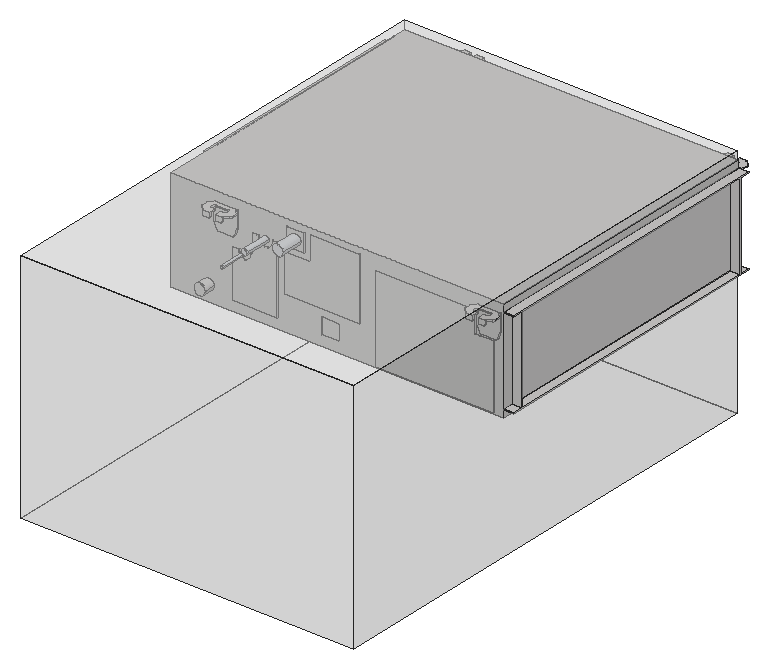
Revit family "outputfile", category 機械設備, Revit 2024
Family settings
  丸型コネクタ寸法 = 半径を使用
  パーツ タイプ = 標準
  OmniClass 番号 = 23.75.10.24.21.27.27
  OmniClass タイトル = Split System Air Conditioning Units
  作業面ベース = いいえ
  常に垂直 = はい
  ロード時にボイドで切り取り = いいえ
  注釈の向きを維持 = いいえ
  共有 = いいえ
  部屋計算ポイント = はい
Parameters (values of type "FXSQ40PAVE")
  Description = ""
  製造元 = "Daikin"
  書き出し IFC クラス(タイプ) = "IfcUnitaryEquipmentType"
  定義済み IFC タイプ(タイプ) = "AIRCONDITIONINGUNIT"
  Cost = 0
  モデル = "FXSQ40PAVE"
  Type Comments = ""
  Keynote = ""
  Type Image = (empty or 0)
  Assembly Code = ""
  r_Liquid Pipe Size = Liquid Pipe Size / 2  # 3.2 mm
  r_Gas Pipe Size = Gas Pipe Size / 2  # 6.35 mm
  r_Drain Pipe Size = Drain Pipe Size / 2  # 12.5 mm
  lw_power = 770.0 mm  # constant formula
  lh_SA = 138.0 mm  # constant formula
  lw_SA = if(Depth = 550.0 mm, 225.0 mm, if(Depth = 700.0 mm, 300.0 mm, if(Depth = 1000.0 mm, 450.0 mm, if(Depth = 1400.0 mm, 650.0 mm, 725.0 mm))))  # 300.0 mm
  lw_RA = if(Depth = 550.0 mm, 275.0 mm, if(Depth = 700.0 mm, 349.0 mm, if(Depth = 1000.0 mm, 499.0 mm, if(Depth = 1400.0 mm, 699.0 mm, 775.0 mm))))  # 349.0 mm
  lh_power = 60.0 mm + [h***]  # 60.0 mm
  lh_mountinghole1 = lh_mountinghole + [h***]  # 222.0 mm
  lh_RA = 123.0 mm  # constant formula
  ld_power = Depth / 2  # 350.0 mm
  Voltage_comment_60Hz = "220"
  Voltage_comment_50Hz = "220-240"
  Voltage_60Hz = 220 V
  Voltage_50Hz = 220 V
  URL = ""
  Supply Air Direction [instance] = yes
  Sound Power Level_H speed (dB) = 64
  Phase_60Hz = 1
  Phase_50Hz = 1
  Minimum External Static Pressure = 30.00 Pa
  Minimum Circuit Amps_60Hz = 1.4 A
  Minimum Circuit Amps_50Hz = 1.4 A
  Maximum Fuse Amps_60Hz = 16.0 A
  Maximum Fuse Amps_50Hz = 16.0 A
  Maximum External Static Pressure = 150.00 Pa
  Material_Casing = DAIKIN_GalvanizedSteel_Casing_indoorunit
  lw_mountinghole = 630.0 mm  # constant formula
  lh_gaspipe = 183.0 mm + [h***]  # 183.0 mm
  lh_mountinghole = 222.0 mm  # constant formula
  lh_liquidpipe = 136.0 mm + [h***]  # 136.0 mm
  lh_drainpipe = 207.0 mm + [h***]  # 207.0 mm
  lh_antena = Height - lh_mountinghole + 1.0 mm  # 24.0 mm
  ld_drainpipe = Depth / 2 + 53.0 mm  # 403.0 mm
  ld_liquidpipe = Depth / 2 + 69.0 mm  # 419.0 mm
  ld_gaspipe = Depth / 2 + 65.0 mm  # 415.0 mm
  ld_mountinghole = Depth + 38.0 mm  # 738.0 mm
  h*** = 0.0 mm  # constant formula
  lw_liquidpipe = 179.0 mm  # constant formula
  lw_gaspipe = 229.0 mm  # constant formula
  lw_drainpipe = 300.0 mm  # constant formula
  Width = 800.0 mm
  Version = "ver.1.0"
  Unit Type = "Middle Static Pressure Duct Type"
  Unit Mass Weight = 27.00 kg
  Unit Designation [instance] = ""
  Uniclass2015Version = "Products v1.30"
  Uniclass2015Title = "Variable refrigerant flow units"
  Uniclass2015Code = "Pr_70_65_03_94"
  Total Heating Capacity [instance] = 0.000 kW
  Total Cooling Capacity [instance] = 0.000 kW
  Sound Pressure Level_M speed (dBA) = 0
  Sound Pressure Level_L speed (dBA) = 30
  Sound Pressure Level_H speed (dBA) = 36
  Series = "VRV Fan Coil Unit"
  Sensible Cooling Capacity [instance] = 0.000 kW
  SA Duct Size Width = if(Depth = 550.0 mm, 337.0 mm, if(Depth = 700.0 mm, 492.0 mm, if(Depth = 1000.0 mm, 792.0 mm, if(Depth = 1400.0 mm, 1192.0 mm, 1337.0 mm))))  # 492.0 mm
  SA Duct Size Height = 176.0 mm
  Refrigerant Type = "R410A"
  RA Duct Size Width = if(Depth = 550.0 mm, 502.0 mm, if(Depth = 700.0 mm, 654.0 mm, if(Depth = 1000.0 mm, 952.0 mm, if(Depth = 1400.0 mm, 1352.0 mm, 1502.0 mm))))  # 654.0 mm
  RA Duct Size Height = 208.0 mm
  Power Input (Heating) = 0.157 kW
  Power Input (Cooling) = 0.162 kW
  Option Accessory 3 [instance] = ""
  Option Accessory 2 [instance] = ""
  Option Accessory 1 [instance] = ""
  Nominal Heating Capacity = 5.000 kW
  Nominal Cooling Capacity = 4.500 kW
  Minimum Airflow = 630.00 m³/h
  Median Airflow = 750.00 m³/h
  Maximum Airflow = 900.00 m³/h
  Load Classification = HVAC
  Liquid Pipe Size = 6.4 mm
  Link_Nested Family [instance] = ""
  IfcVersion = "0"
  IfcExportType = "AIRCONDITIONINGUNIT"
  IfcExportAs = "IfcUnitaryEquipmentType"
  Height = 245.0 mm
  Heating Entering Wet Bulb Temperature [instance] = 0.00 °C
  Heating Entering Dry Bulb Temperature [instance] = 0.00 °C
  Heating Ambient Wet Bulb Temperature [instance] = 0.00 °C
  Heating Ambient Dry Bulb Temperature [instance] = 0.00 °C
  Heat Exchanger Type = "Cross Fin Coil"
  Gas Pipe Size = 12.7 mm
  Frequency_60Hz = 60 Hz
  Frequency_50Hz = 50 Hz
  Fan Type = "Sirocco Fan"
  Fan Drive = "Direct Drive"
  FCU Tag No. [instance] = ""
  Drain Pipe Size = 25.0 mm
  Design Supply Airflow [instance] = 0.00 m³/h
  Design Return Airflow [instance] = 0.00 m³/h
  Design External Static Pressure [instance] = 0.00 Pa
  Depth = 700.0 mm
  既定の高さ = 0.0 mm
  Cooling Entering Wet Bulb Temperature [instance] = 0.00 °C
  Cooling Entering Dry Bulb Temperature [instance] = 0.00 °C
  Cooling Ambient Wet Bulb Temperature [instance] = 0.00 °C
  Cooling Ambient Dry Bulb Temperature [instance] = 0.00 °C
  Clearance visibility [instance] = yes
  Clearance Top = 20.0 mm
  Clearance Right = 0.0 mm
  Clearance Rear = 0.0 mm
  Clearance Left = 0.0 mm
  Clearance Front = 450.0 mm
  Clearance Bottom = 300.0 mm
Reference planes
  plane 1 "Center (Front/Back)": y = 0
  plane 2 "h": z = 0
  plane 3 "Center (Left/Right)": x = 0
  plane 4 "Back": y = 350
  plane 5 "Front": y = -350
  plane 6 "Left": x = -400
  plane 7 "Reight": x = 400
  plane 8 "Top": z = 0
  plane 9 "Bottom": z = -245
  plane 10: y = -215
  plane 11: y = 350
  plane 12: y = -800
  plane 13: x = -400
  plane 14: x = 400
  plane 15: z = 20
  plane 16: z = -545
  plane 17: x = -400
  plane 18: x = -399
  plane 19: x = 399
  plane 20: y = 50
  plane 21: y = -1
  plane 22: z = -122
  plane 23: y = -351
  plane 24: z = -109
  plane 25: x = -221
  plane 26: y = -415
  plane 27: z = -62
  plane 28: x = -171
  plane 29: y = -403
  plane 30: z = -38
  plane 31: x = -100
  plane 32: x = -100
  plane 33: x = -221
  plane 34: x = -171
  plane 35: x = 370
  plane 36: x = -266
  plane 37: x = 364
  plane 38: y = -369
  plane 39: y = 369
  plane 40: z = -23
  plane 41: z = -107
  plane 42: y = -420
  plane 43: z = -207
  plane 44: x = -309
  plane 45: y = -376
  plane 46: x = -251
  plane 47: x = -203
  plane 48: x = -144
  plane 49: z = -59
  plane 50: z = -106
  plane 51: z = -221
  plane 52: z = -109
  plane 53: x = -221
  plane 54: z = -62
  plane 55: x = -171
  plane 56: z = -17
  plane 57: z = -59
  plane 58: x = -121
  plane 59: x = -79
  plane 60: x = -125
  plane 61: x = -64
  plane 62: x = 53
  plane 63: z = -164
  plane 64: z = -73
  plane 65: z = -16
  plane 66: x = 93.5
  plane 67: x = 374.5
  plane 68: x = 330
  plane 69: z = -88.5
  plane 70: z = -38
  plane 71: z = -242.5
  plane 72: x = -38.5
  plane 73: x = 6.5
  plane 74: z = -181
  plane 75: z = -221
  plane 76: y = -349
  plane 77: x = -424
  plane 78: x = 424
Forms (mm)
  Extrusion 1, solid, material "DAIKIN_GalvanizedSteel_Casing_indoorunit" <- "Material_Casing"
    sketch origin (0, 0, 0) x (1, 0, 0) y (0, 1, 0)
      loop
        line (-399, 350) -> (-399, -350) -> (399, -350) -> (399, 350) -> (-399, 350)
    from -245 to 0
  Extrusion 2, solid, material "DAIKIN_GalvanizedSteel_Casing_indoorunit" <- "Material_Casing"
    sketch origin (0, 0, 0) x (1, 0, 0) y (0, 0, 1)
      loop
        line (-251, -221) -> (-144, -221) -> (-144, -59) -> (-154.47, -59)
        arc (-154.47, -59) -> (-171, -78.8) -> (-187.53, -59) r 16.8
        line (-187.53, -59) -> (-203, -59) -> (-203, -106) -> (-206.916, -106)
        arc (-206.916, -106) -> (-221, -123.4) -> (-235.084, -106) r 14.4
        line (-235.084, -106) -> (-251, -106) -> (-251, -221)
    from 350 to 351
  Extrusion 3, solid, material "DAIKIN_GalvanizedSteel_Casing_indoorunit" <- "Material_Casing"
    sketch origin (0, 0, 0) x (1, 0, 0) y (0, 0, 1)
      loop
        line (-121, -17) -> (-121, -59) -> (-79, -59) -> (-79, -17) -> (-121, -17)
      loop
        line (-125, -73) -> (-125, -164) -> (53, -164) -> (53, -16) -> (-64, -16) -> (-64, -73) -> (-125, -73)
    from 350 to 351
  Extrusion 4, solid, material "DAIKIN_GalvanizedSteel_Casing_indoorunit" <- "Material_Casing"
    sketch origin (0, 0, 0) x (1, 0, 0) y (0, 0, 1)
      loop
        line (93.5, -38) -> (93.5, -242.5) -> (374.5, -242.5) -> (374.5, -88.5) -> (330, -88.5) -> (330, -38) -> (93.5, -38)
    from 350 to 351
  Extrusion 5, solid
    sketch origin (0, 0, 0) x (1, 0, 0) y (0, 0, 1)
      loop
        circle (-221, -109) r 3.2
    from 350 to 420
  Extrusion 6, solid
    sketch origin (0, 0, 0) x (1, 0, 0) y (0, 0, 1)
      loop
        circle (-171, -62) r 6.35
    from 350 to 415
  Extrusion 7, solid
    sketch origin (0, 0, 0) x (1, 0, 0) y (0, 0, 1)
      loop
        circle (-100, -38) r 12.5
    from 351 to 403
  Extrusion 8, solid, material "DAIKIN_GalvanizedSteel_Casing_indoorunit" <- "Material_Casing"
    sketch origin (0, 0, 0) x (1, 0, 0) y (0, 0, 1)
      loop
        circle (-309, -207) r 13
    from 350 to 376
  Extrusion 9, void
    sketch origin (0, 0, 0) x (1, 0, 0) y (0, 0, 1)
      loop
        line (-38.5, -181) -> (-38.5, -221) -> (6.5, -221) -> (6.5, -181) -> (-38.5, -181)
    from 349 to 350
Cuts and joins
  Extrusion 9 cuts Extrusion 1
Dimensions and locks
  "Height": plane 8 "Top" to plane 9 "Bottom"
  equal spacing: plane 4 "Back", plane 1 "Center (Front/Back)", plane 5 "Front"
  "Depth": plane 4 "Back" to plane 5 "Front"
  equal spacing: plane 6 "Left", plane 3 "Center (Left/Right)", plane 7 "Reight"
  "Width": plane 6 "Left" to plane 7 "Reight"
  "Clearance Left": plane 13 to plane 6 "Left"
  "Clearance Right": plane 7 "Reight" to plane 14
  "Clearance Rear": plane 11 to plane 4 "Back"
  "Clearance Front": plane 5 "Front" to plane 12
  "Clearance Top": plane 15 to plane 8 "Top"
  "Clearance Bottom": plane 9 "Bottom" to plane 16
  locked: plane 17 to plane 18 at 1
  locked: plane 19 to plane 14 at 1
  "lw_SA": plane 11 to plane 20
  "lw_RA": plane 21 to plane 5 "Front"
  "lh_RA": plane 22 to plane 9 "Bottom"
  locked: plane 5 "Front" to plane 23 at 1
  "lw_liquidpipe": plane 25 to plane 6 "Left"
  "lh_liquidpipe": plane 24 to plane 9 "Bottom"
  "lh_gaspipe": plane 27 to plane 9 "Bottom"
  "lw_gaspipe": plane 28 to plane 6 "Left"
  "ld_gaspipe": plane 26 to plane 1 "Center (Front/Back)"
  "ld_drainpipe": plane 29 to plane 1 "Center (Front/Back)"
  "lh_drainpipe": plane 30 to plane 9 "Bottom"
  "lw_drainpipe": plane 31 to plane 6 "Left"
  "lw_drainpipe": plane 6 "Left" to plane 32
  "lw_liquidpipe": plane 6 "Left" to plane 33
  "lw_gaspipe": plane 6 "Left" to plane 34
  "lw_power": plane 6 "Left" to plane 35
  locked: plane 17 to plane 36 at 134
  "lw_mountinghole": plane 36 to plane 37
  equal spacing: plane 38, plane 1 "Center (Front/Back)", plane 39
  "ld_mountinghole": plane 39 to plane 38
  "lh_mountinghole": plane 40 to plane 9 "Bottom"
  "lh_SA": plane 41 to plane 9 "Bottom"
  "ld_liquidpipe": plane 21 to plane 42
  locked: plane 44 to plane 6 "Left" at 91
  locked: plane 43 to plane 9 "Bottom" at 38
  locked: plane 5 "Front" to plane 45 at 26
  plane 48 to plane 47 to plane 46 to plane 6 "Left" = 59.0 mm, 48.0 mm, 149.0 mm
  plane 8 "Top" to plane 49 to plane 50 to plane 51 = 59.0 mm locked, 47.0 mm locked, 115.0 mm locked
  plane 55 to plane 53 to plane 6 "Left" = 50.0 mm locked, 179.0 mm locked
  plane 54 to plane 52 to plane 9 "Bottom" = 47.0 mm locked, 136.0 mm locked
  plane 59 to plane 58 to plane 6 "Left" = 42.0 mm locked, 279.0 mm locked
  plane 8 "Top" to plane 56 to plane 57 = 17.0 mm locked, 42.0 mm locked
  plane 62 to plane 61 to plane 60 to plane 6 "Left" = 117.0 mm, 61.0 mm, 275.0 mm
  plane 8 "Top" to plane 65 to plane 64 = 16.0 mm locked, 57.0 mm locked
  locked: plane 65 to plane 63 at 148
  plane 8 "Top" to plane 70 to plane 69 to plane 71 = 38.0 mm locked, 50.5 mm locked, 154.0 mm locked
  plane 67 to plane 68 to plane 66 to plane 6 "Left" = 44.5 mm locked, 236.5 mm locked, 493.5 mm locked
  plane 8 "Top" to plane 74 to plane 75 = 181.0 mm locked, 40.0 mm locked
  plane 73 to plane 72 to plane 6 "Left" = 45.0 mm, 361.5 mm
  locked: plane 76 to plane 5 "Front" at 1
  locked: plane 77 to plane 17 at 24
  locked: plane 14 to plane 78 at 24
  "r_Liquid Pipe Size": radius of Extrusion 5 sketch curve
  "r_Gas Pipe Size": radius of Extrusion 6 sketch curve
  "r_Drain Pipe Size": radius of Extrusion 7 sketch curve
  aligned and locked: level to plane 2 "h"
  aligned and locked: plane 8 "Top" to Extrusion 1
  aligned and locked: Extrusion 1 to plane 9 "Bottom"
  aligned and locked: nested 5 to plane 12
  aligned and locked: plane 13 to nested 5
  aligned and locked: plane 14 to nested 5
  aligned and locked: nested 5 to plane 13
  aligned and locked: plane 11 to nested 5
  aligned and locked: plane 15 to nested 5
  aligned and locked: plane 16 to nested 5
  aligned and locked: plane 5 "Front" to Extrusion 1 sketch curve
  aligned and locked: Extrusion 1 to plane 18
  aligned and locked: plane 19 to Extrusion 1
  aligned and locked: nested 7 to plane 18
  aligned and locked: nested 7 to plane 20
  aligned and locked: plane 19 to nested 8
  aligned and locked: plane 21 to nested 8
  aligned and locked: plane 22 to nested 8
  aligned and locked: Extrusion 2 to plane 23
  aligned and locked: plane 5 "Front" to Extrusion 2
  aligned and locked: Extrusion 3 to plane 23
  aligned and locked: plane 5 "Front" to Extrusion 3
  aligned and locked: plane 5 "Front" to Extrusion 4
  aligned and locked: Extrusion 5 sketch curve to plane 25
  aligned and locked: plane 24 to Extrusion 5 sketch curve
  aligned and locked: plane 5 "Front" to Extrusion 5
  aligned and locked: Extrusion 6 sketch curve to plane 28
  aligned and locked: plane 27 to Extrusion 6 sketch curve
  aligned and locked: plane 5 "Front" to Extrusion 6
  aligned and locked: Extrusion 7 sketch curve to plane 31
  aligned and locked: Extrusion 7 sketch curve to plane 30
  aligned and locked: Extrusion 7 to plane 29
  aligned and locked: plane 23 to Extrusion 7
  aligned and locked: nested 3 to plane 29
  aligned and locked: plane 32 to nested 3
  aligned and locked: nested 2 to plane 33
  aligned and locked: nested 1 to plane 34
  aligned and locked: Extrusion 6 to plane 26
  aligned and locked: nested 1 to plane 26
  aligned and locked: nested 6 to plane 5 "Front"
  aligned and locked: nested 6 to plane 35
  aligned and locked: plane 36 to nested 10
  aligned and locked: nested 10 to plane 5 "Front"
  aligned and locked: plane 37 to nested 9
  aligned and locked: nested 9 to plane 5 "Front"
  aligned and locked: nested 11 to plane 36
  aligned and locked: plane 4 "Back" to nested 11
  aligned and locked: nested 12 to plane 37
  aligned and locked: plane 4 "Back" to nested 12
  aligned and locked: plane 40 to nested 10
  aligned and locked: plane 40 to nested 11
  aligned and locked: plane 40 to nested 9
  aligned and locked: plane 40 to nested 12
  aligned and locked: plane 36 to nested 14
  aligned and locked: nested 14 to plane 39
  aligned and locked: plane 37 to nested 13
  aligned and locked: nested 13 to plane 39
  aligned and locked: plane 37 to nested 16
  aligned and locked: plane 38 to nested 16
  aligned and locked: plane 38 to nested 15
  aligned and locked: plane 36 to nested 15
  aligned and locked: plane 17 to plane 6 "Left"
  aligned and locked: plane 41 to nested 7
  aligned and locked: Extrusion 5 to plane 42
  aligned and locked: nested 2 to plane 42
  aligned and locked: Extrusion 8 sketch curve to plane 44
  aligned and locked: plane 43 to Extrusion 8 sketch curve
  aligned and locked: plane 5 "Front" to Extrusion 8
  aligned and locked: plane 45 to Extrusion 8
  aligned and locked: Extrusion 3 sketch curve to plane 56
  aligned and locked: Extrusion 3 sketch curve to plane 58
  aligned and locked: plane 57 to Extrusion 3 sketch curve
  aligned and locked: plane 59 to Extrusion 3 sketch curve
  aligned and locked: Extrusion 4 to plane 23
  aligned and locked: Extrusion 9 sketch curve to plane 74
  aligned and locked: plane 75 to Extrusion 9 sketch curve
  aligned and locked: plane 73 to Extrusion 9 sketch curve
  aligned and locked: plane 5 "Front" to Extrusion 9
  aligned and locked: plane 76 to Extrusion 9
  aligned and locked: nested 17 to plane 20
  aligned and locked: nested 17 to plane 77
  aligned and locked: plane 21 to nested 18
  aligned and locked: plane 78 to nested 18
  aligned and locked: plane 41 to nested 17
  aligned and locked: nested 18 to plane 22
  aligned and locked: nested 4 to plane 3 "Center (Left/Right)"
  aligned and locked: plane 1 "Center (Front/Back)" to nested 4
  aligned and locked: level to plane 8 "Top"
Automatic sketch dimensions
  plane 6 "Left" to Extrusion 1 sketch curve = 1.0 mm
  Extrusion 1 sketch curve to plane 7 "Reight" = 1.0 mm
  Extrusion 1 sketch curve to plane 4 "Back" = 0.0 mm
  Extrusion 2 sketch curve to plane 46 = 0.0 mm
  Extrusion 2 sketch curve to plane 33 = 0.0 mm
  Extrusion 2 sketch curve to plane 47 = 0.0 mm
  Extrusion 2 sketch curve to plane 34 = 0.0 mm
  Extrusion 2 sketch curve to plane 48 = 0.0 mm
  Extrusion 2 sketch curve to plane 51 = 0.0 mm
  Extrusion 2 sketch curve to plane 52 = 0.0 mm
  Extrusion 2 sketch curve to plane 50 = 0.0 mm  (x3)
  Extrusion 2 sketch curve to plane 54 = 0.0 mm
  Extrusion 2 sketch curve to plane 49 = 0.0 mm  (x3)
  plane 33 to Extrusion 2 sketch curve = 14.084 mm
  plane 34 to Extrusion 2 sketch curve = 16.53 mm
  Extrusion 3 sketch curve to plane 60 = 0.0 mm
  Extrusion 3 sketch curve to plane 61 = 0.0 mm
  Extrusion 3 sketch curve to plane 62 = 0.0 mm
  Extrusion 3 sketch curve to plane 63 = 0.0 mm
  Extrusion 3 sketch curve to plane 64 = 0.0 mm
  Extrusion 3 sketch curve to plane 65 = 0.0 mm
  Extrusion 4 sketch curve to plane 66 = 0.0 mm
  Extrusion 4 sketch curve to plane 68 = 0.0 mm
  Extrusion 4 sketch curve to plane 67 = 0.0 mm
  Extrusion 4 sketch curve to plane 71 = 0.0 mm
  Extrusion 4 sketch curve to plane 69 = 0.0 mm
  Extrusion 4 sketch curve to plane 70 = 0.0 mm
  Extrusion 9 sketch curve to plane 72 = 0.0 mm
  radius of Extrusion 8 sketch curve = 13.0 mm
Nested families
  nested 1: "daikin_connector_rotate2" at (-171, 0, -62), length <- "ld_gaspipe", built-in parameter 1001364 <- "lh_gaspipe", radius <- "r_Gas Pipe Size", type "daikin_connector_rotate2"
    with radius 6.35 mm, length 415.0 mm, angle_vertical 90.00°
  nested 2: "daikin_connector_rotate2" at (-221, -1, -109), length <- "ld_liquidpipe", built-in parameter 1001364 <- "lh_liquidpipe", radius <- "r_Liquid Pipe Size", type "daikin_connector_rotate2"
    with radius 3.2 mm, length 419.0 mm, angle_vertical 90.00°
  nested 3: "daikin_connector_rotate2" at (-100, 0, -38), length <- "ld_drainpipe", built-in parameter 1001364 <- "lh_drainpipe", radius <- "r_Drain Pipe Size", type "daikin_connector_rotate2"
    with radius 12.5 mm, length 403.0 mm, angle_vertical 90.00°
  nested 4: "daikin_△_symbolicline" at (0, 0, 245) x (0, -1, 0) z (0, 0, 1), built-in parameter 1001364 <- "Height", visible <- "Supply Air Direction", type "daikin_△_symbolicline"
    with length 200.0 mm
  nested 5: "daikin_clearancespace" at (0, -225, -262.381), visible <- "Clearance visibility", show <- "Clearance visibility", Link_Nested Family <- "Link_Nested Family", type "daikin_clearancespace"
    with width 800.0 mm, show yes, height 565.0 mm, depth 1150.0 mm, Link_Nested Family ""
  nested 6: "daikin_connector_rotate2" at (370, 0, -185), built-in parameter 1001364 <- "lh_power", length <- "ld_power", type "daikin_connector_rotate2"
    with radius 10.0 mm, length 350.0 mm, angle_vertical 90.00°
  nested 7: "daikin_ductflange_FXSQ-PAVE2" at (-399, 50, -107) x (0, -1, 0) z (0, 0, 1), type "daikin_ductflange_FXSQ-PAVE2"
    with width 492.0 mm, w 700.0 mm
  nested 8: "daikin_ductflange_FXSQ-PAVE" at (399, -1, -122) x (0, 1, 0) z (0, 0, 1), type "daikin_ductflange_FXSQ-PAVE"
    with width 654.0 mm, w 700.0 mm
  nested 9: "daikin_hangerfixture_FXSQ-PAVE" at (364, -350, -23), type "daikin_hangerfixture_FXSQ-PAVE"
  nested 10: "daikin_hangerfixture_FXSQ-PAVE" at (-266, -350, -23), type "daikin_hangerfixture_FXSQ-PAVE"
  nested 11: "daikin_hangerfixture_FXSQ-PAVE" at (-266, 350, -23) x (-1, 0, 0) z (0, 0, 1), type "daikin_hangerfixture_FXSQ-PAVE"
  nested 12: "daikin_hangerfixture_FXSQ-PAVE" at (364, 350, -23) x (-1, 0, 0) z (0, 0, 1), type "daikin_hangerfixture_FXSQ-PAVE"
  nested 13: "daikin_mountinghole" at (364, 369, -245), h_mountinghole <- "lh_mountinghole1", l_antenna <- "lh_antena", Link_Nested Family <- "Link_Nested Family", type "daikin_mountinghole"
    with show yes, l_antenna 24.0 mm, h_mountinghole 222.0 mm, Link_Nested Family ""
  nested 14: "daikin_mountinghole" at (-266, 369, -245), h_mountinghole <- "lh_mountinghole1", l_antenna <- "lh_antena", Link_Nested Family <- "Link_Nested Family", type "daikin_mountinghole"
    with show yes, l_antenna 24.0 mm, h_mountinghole 222.0 mm, Link_Nested Family ""
  nested 15: "daikin_mountinghole" at (-266, -369, -245), h_mountinghole <- "lh_mountinghole1", l_antenna <- "lh_antena", Link_Nested Family <- "Link_Nested Family", type "daikin_mountinghole"
    with show yes, l_antenna 24.0 mm, h_mountinghole 222.0 mm, Link_Nested Family ""
  nested 16: "daikin_mountinghole" at (364, -369, -245), h_mountinghole <- "lh_mountinghole1", l_antenna <- "lh_antena", Link_Nested Family <- "Link_Nested Family", type "daikin_mountinghole"
    with show yes, l_antenna 24.0 mm, h_mountinghole 222.0 mm, Link_Nested Family ""
  nested 17: "daikin_connector_rotate2" at (-400, 50, -107) x (0, -1, 0) z (0, 0, 1), type "daikin_connector_rotate2"
    with radius 10.0 mm, length 24.0 mm, angle_vertical 90.00°
  nested 18: "daikin_connector_rotate2" at (400, -1, -122) x (0, 1, 0) z (0, 0, 1), type "daikin_connector_rotate2"
    with radius 10.0 mm, length 24.0 mm, angle_vertical 90.00°
Connectors
  piping at (-100, -403, -38), diameter 25, driven by "r_Drain Pipe Size"
    settings: on nested 3, index 3, connector inside diameter 609.6 mm, connector length 0.0 mm, flow factor 0, pipe flow 0.00 m³/h, pressure drop 0.0 Pa, fitting loss kfactor 0, connector angle 0.00°, fixture units 0, engagement length 0.0 mm, angle of deflection 0.00°, flow configuration 1, flow direction 2, fitting loss method 4, system type 16, joint type 0, gender type 0, connector reference index -1, connector utility 0, adjustable connector no, is connector primary yes, connector description "Condensate Drain Piping"
  piping at (-171, -415, -62), diameter 12.7, driven by "r_Gas Pipe Size"
    settings: on nested 1, index 4, connector inside diameter 609.6 mm, connector length 0.0 mm, flow factor 0, pipe flow 0.00 m³/h, pressure drop 0.0 Pa, fitting loss kfactor 0, connector angle 0.00°, fixture units 0, engagement length 0.0 mm, angle of deflection 0.00°, flow configuration 1, flow direction 2, fitting loss method 0, system type 29, joint type 0, gender type 0, connector reference index -1, connector utility 0, adjustable connector no, is connector primary no, connector description "Refrigerant Gas Piping"
  piping at (-221, -420, -109), diameter 6.4, driven by "r_Liquid Pipe Size"
    settings: on nested 2, index 5, connector inside diameter 609.6 mm, connector length 0.0 mm, flow factor 0, pipe flow 0.00 m³/h, pressure drop 0.0 Pa, fitting loss kfactor 0, connector angle 0.00°, fixture units 0, engagement length 0.0 mm, angle of deflection 0.00°, flow configuration 1, flow direction 1, fitting loss method 0, system type 29, joint type 0, gender type 0, connector reference index -1, connector utility 0, adjustable connector no, is connector primary no, connector description "Refrigerant Liquid Piping"
  electrical at (370, -350, -185), driven by "Load Classification"
    settings: on nested 6, index 6, voltage 0 V, apparent load 0 VA, apparent load phase1 0 VA, apparent load phase2 0 VA, apparent load phase3 0 VA, power factor 1, load classification "HVAC", number of poles 1, system type 30, power factor state 1, is connector primary yes, connector utility no, sub classification motor no, connector description "Power Supply"
  hvac at (-424, 50, -107), driven by "SA Duct Size Height", driven by "SA Duct Size Width"
    settings: on nested 17, index 7, duct flow 0.00 m³/h, flow factor 0, pres drop 0.00 Pa, loss coef 0, conn angle 0.00°, conn width 492.0 mm, conn height 176.0 mm, conn diameter 609.6 mm, duct sys type 1, conn prof type 1, flow config 0, flow direction 2, loss method 4, conn ref index -1, conn util no, is conn primary yes, conn desc "SA Duct"
  hvac at (424, -1, -122), driven by "RA Duct Size Height", driven by "RA Duct Size Width"
    settings: on nested 18, index 8, duct flow 0.00 m³/h, flow factor 0, pres drop 0.00 Pa, loss coef 0, conn angle 0.00°, conn width 654.0 mm, conn height 208.0 mm, conn diameter 609.6 mm, duct sys type 2, conn prof type 1, flow config 0, flow direction 1, loss method 4, conn ref index -1, conn util no, is conn primary no, conn desc "RA Duct"
Definition of nested family "daikin_clearancespace"
  Parameters (values of type "daikin_clearancespace")
    width [instance] = 1823.963 mm
    show [instance] = yes
    material = none
    height [instance] = 1359.762 mm
    depth [instance] = 880.0 mm
    Default Elevation = 0.0 mm
    Link_Nested Family [instance] = ""
  Reference planes
    plane 1 "Center (Front/Back)": y = 0
    plane 2 "Center (Elevation)": z = -0.119
    plane 3 "Center (Left/Right)": x = 0
    plane 4: y = 440
    plane 5: y = -440
    plane 6 "Right": x = 911.982
    plane 7 "Left": x = -911.982
    plane 8 "Top": z = 679.762
    plane 9 "Bottom": z = -680
  Forms (mm)
    Extrusion 1, solid, material <- "material", visible <- "show"
      sketch origin (0, 0, 0) x (1, 0, 0) y (0, 1, 0)
        loop
          line (-911.982, 440) -> (-911.982, -440) -> (911.982, -440) -> (911.982, 440) -> (-911.982, 440)
      from -680 to 679.762
  Lines and regions (mm)
    symbolic lines, visible <- "show"
      curve 1: line (911.982, 440, 0) -> (-911.982, 440, 0)
      curve 2: line (-911.982, 440, 0) -> (-911.982, -440, 0)
      curve 3: line (-911.982, -440, 0) -> (911.982, -440, 0)
      curve 4: line (911.982, -440, 0) -> (911.982, 440, 0)
      curve 5: line (911.982, 0, 679.762) -> (-911.982, 0, 679.762)
      curve 6: line (911.982, 0, -680) -> (911.982, 0, 679.762)
      curve 7: line (-911.982, 0, -680) -> (911.982, 0, -680)
      curve 8: line (-911.982, 0, 679.762) -> (-911.982, 0, -680)
      curve 9: line (0, 440, 679.762) -> (0, -440, 679.762)
      curve 10: line (0, -440, 679.762) -> (0, -440, -680)
      curve 11: line (0, 440, -680) -> (0, 440, 679.762)
      curve 12: line (0, -440, -680) -> (0, 440, -680)
  Dimensions and locks
    "width": plane 7 "Left" to plane 6 "Right"
    "depth": plane 4 to plane 5
    "height": plane 8 "Top" to plane 9 "Bottom"
    equal spacing: plane 7 "Left", plane 3 "Center (Left/Right)", plane 6 "Right"
    equal spacing: plane 4, plane 1 "Center (Front/Back)", plane 5
    equal spacing: plane 8 "Top", plane 2 "Center (Elevation)", plane 9 "Bottom"
    aligned and locked: level to plane 2 "Center (Elevation)"
    aligned and locked: Extrusion 1 sketch curve to plane 4
    aligned and locked: plane 7 "Left" to Extrusion 1 sketch curve
    aligned and locked: Extrusion 1 sketch curve to plane 5
    aligned and locked: Extrusion 1 sketch curve to plane 6 "Right"
    aligned and locked: plane 8 "Top" to Extrusion 1
    aligned and locked: curve 1 to Extrusion 1
    aligned and locked: curve 2 to Extrusion 1
    aligned and locked: curve 3 to Extrusion 1
    aligned and locked: curve 4 to Extrusion 1
    aligned and locked: curve 5 to Extrusion 1
    aligned and locked: curve 6 to Extrusion 1
    aligned and locked: curve 7 to Extrusion 1
    aligned and locked: curve 8 to Extrusion 1
    aligned and locked: curve 9 to Extrusion 1
    aligned and locked: curve 10 to Extrusion 1
    aligned and locked: curve 11 to Extrusion 1
    aligned and locked: curve 12 to Extrusion 1
    aligned and locked: Extrusion 1 to plane 9 "Bottom"
Definition of nested family "daikin_ductflange_FXSQ-PAVE2"
  Parameters (values of type "daikin_ductflange_FXMQ-PAVE2")
    width = if(w = 550.0 mm, 337.0 mm, if(w = 700.0 mm, 492.0 mm, if(w = 1000.0 mm, 792.0 mm, if(w = 1400.0 mm, 1192.0 mm, 1337.0 mm))))  # 337.0 mm
    material = none
    height = 215.0 mm
    depth = 1.0 mm
    w = 550.0 mm
    Default Elevation = 0.0 mm
  Reference planes
    plane 1 "Center (Front/Back)": y = 0
    plane 2: z = 0
    plane 3 "Center (Left/Right)": x = 0
    plane 4: z = 88
    plane 5: z = -88
    plane 6: y = -25
    plane 7: z = 106
    plane 8: z = 89
    plane 9: y = -1
    plane 10: x = -192.5
    plane 11: x = 192.5
    plane 12: z = -106
    plane 13: z = -89
    plane 14: y = -1
    plane 15: x = 168.5
    plane 16: x = -168.5
    plane 17: x = 169.5
    plane 18: z = 87
    plane 19: z = -87
    plane 20: x = -169.5
    plane 21: z = 87
    plane 22: z = -87
    plane 23: y = -1
  Forms (mm)
    Extrusion 1, solid, material <- "material"
      sketch origin (0, 0, 0) x (0, 1, 0) y (0, 0, 1)
        loop
          line (-25, 88) -> (0, 88) -> (0, 106) -> (-1, 106) -> (-1, 89) -> (-25, 89) -> (-25, 88)
      from -192.5 to 192.5
    Extrusion 2, solid, material <- "material"
      sketch origin (0, 0, 0) x (0, 1, 0) y (0, 0, 1)
        loop
          line (-25, -88) -> (-25, -89) -> (-1, -89) -> (-1, -106) -> (0, -106) -> (0, -88) -> (-25, -88)
      from -192.5 to 192.5
    Extrusion 3, solid, material <- "material"
      sketch origin (0, 0, 0) x (1, 0, 0) y (0, 0, 1)
        loop
          line (168.5, 88) -> (168.5, -88) -> (192.5, -88) -> (192.5, -87) -> (169.5, -87) -> (169.5, 87) -> (192.5, 87) -> (192.5, 88) -> (168.5, 88)
      from 0 to 25
    Extrusion 4, solid, material <- "material"
      sketch origin (0, 0, 0) x (1, 0, 0) y (0, 0, 1)
        loop
          line (-192.5, 88) -> (-192.5, 87) -> (-169.5, 87) -> (-169.5, -87) -> (-192.5, -87) -> (-192.5, -88) -> (-168.5, -88) -> (-168.5, 88) -> (-192.5, 88)
      from 0 to 25
    Extrusion 5, solid, material <- "material"
      sketch origin (0, 0, 0) x (1, 0, 0) y (0, 0, 1)
        loop
          line (-192.5, 88) -> (-192.5, -88) -> (-168.5, -88) -> (-168.5, 88) -> (-192.5, 88)
        loop
          line (192.5, 88) -> (168.5, 88) -> (168.5, -88) -> (192.5, -88) -> (192.5, 88)
      from 0 to 1
  Cuts and joins
    joined: Extrusion 1, Extrusion 2, Extrusion 3, Extrusion 4, Extrusion 5
  Dimensions and locks
    plane 4 to level to plane 5 = 88.0 mm, 88.0 mm
    locked: plane 6 to plane 1 "Center (Front/Back)" at 25
    locked: plane 9 to plane 1 "Center (Front/Back)" at 1
    locked: plane 8 to plane 4 at 1
    locked: plane 16 to plane 10 at 24
    locked: plane 17 to plane 15 at 1
    locked: plane 4 to plane 18 at 1
    locked: plane 19 to plane 5 at 1
    "width": plane 15 to plane 16
    plane 4 to plane 5 = 176.0 mm
    locked: plane 16 to plane 20 at 1
    locked: plane 4 to plane 21 at 1
    locked: plane 22 to plane 5 at 1
    locked: plane 23 to plane 1 "Center (Front/Back)" at 1
    plane 4 to level to plane 5 = 88.0 mm locked, 88.0 mm locked
    locked: plane 5 to plane 13 at 1
    locked: plane 5 to plane 12 at 18
    locked: plane 7 to plane 4 at 18
    equal spacing: plane 15, plane 3 "Center (Left/Right)", plane 16
    locked: plane 11 to plane 15 at 24
    plane 11 to plane 10 = 385.0 mm
    aligned and locked: level to plane 2
    aligned and locked: Extrusion 1 to plane 10
    aligned and locked: plane 11 to Extrusion 1
    aligned and locked: plane 5 to Extrusion 2
    aligned and locked: Extrusion 2 to plane 1 "Center (Front/Back)"
    aligned and locked: plane 15 to Extrusion 3 sketch curve
    aligned and locked: Extrusion 3 sketch curve to Extrusion 2  (x2)
    aligned and locked: Extrusion 3 sketch curve to plane 11
    aligned and locked: plane 6 to Extrusion 3
    aligned and locked: Extrusion 2 to plane 10
    aligned and locked: plane 11 to Extrusion 2
    aligned and locked: Extrusion 4 sketch curve to Extrusion 1  (x2)
    aligned and locked: plane 5 to Extrusion 4 sketch curve
    aligned and locked: Extrusion 4 sketch curve to plane 16
    aligned and locked: Extrusion 4 sketch curve to plane 22
    aligned and locked: plane 20 to Extrusion 4 sketch curve
    aligned and locked: plane 21 to Extrusion 4 sketch curve
    aligned and locked: Extrusion 4 to plane 1 "Center (Front/Back)"
    aligned and locked: plane 6 to Extrusion 4
    aligned and locked: Extrusion 5 sketch curve to Extrusion 1  (x4)
    aligned and locked: Extrusion 5 sketch curve to Extrusion 4  (x2)
    aligned and locked: Extrusion 5 sketch curve to Extrusion 3  (x2)
    aligned and locked: Extrusion 5 to plane 1 "Center (Front/Back)"
    aligned and locked: plane 23 to Extrusion 5
  Automatic sketch dimensions
    Extrusion 1 sketch curve to plane 6 = 0.0 mm
    Extrusion 1 sketch curve to plane 7 = 0.0 mm
    Extrusion 1 sketch curve to plane 9 = 0.0 mm
    Extrusion 1 sketch curve to plane 1 "Center (Front/Back)" = 0.0 mm
    Extrusion 1 sketch curve to plane 4 = 0.0 mm
    Extrusion 1 sketch curve to plane 8 = 0.0 mm
    Extrusion 2 sketch curve to plane 6 = 0.0 mm
    plane 12 to Extrusion 2 sketch curve = 0.0 mm
    Extrusion 2 sketch curve to plane 14 = 0.0 mm
    Extrusion 2 sketch curve to plane 1 "Center (Front/Back)" = 0.0 mm
    plane 13 to Extrusion 2 sketch curve = 0.0 mm
    Extrusion 2 sketch curve to plane 5 = 0.0 mm
    Extrusion 3 sketch curve to plane 17 = 0.0 mm
    Extrusion 3 sketch curve to plane 19 = 0.0 mm
    Extrusion 3 sketch curve to plane 18 = 0.0 mm
    Extrusion 3 sketch curve to plane 4 = 0.0 mm
    Extrusion 4 sketch curve to plane 10 = 0.0 mm
Definition of nested family "daikin_ductflange_FXSQ-PAVE"
  Parameters (values of type "daikin_ductflange_FXMQ-PAVE")
    width = if(w = 550.0 mm, 502.0 mm, if(w = 700.0 mm, 654.0 mm, if(w = 1000.0 mm, 952.0 mm, if(w = 1400.0 mm, 1352.0 mm, 1502.0 mm))))  # 502.0 mm
    material = none
    height = 208.0 mm
    depth = 1.0 mm
    w = 550.0 mm
    Default Elevation = 0.0 mm
  Reference planes
    plane 1 "Center (Front/Back)": y = 0
    plane 2: z = 0
    plane 3 "Center (Left/Right)": x = 0
    plane 4: z = 104
    plane 5: z = -104
    plane 6: y = -25
    plane 7: z = 121
    plane 8: z = 105
    plane 9: y = -1
    plane 10: x = -275
    plane 11: x = 275
    plane 12: z = -122
    plane 13: z = -105
    plane 14: y = -1
    plane 15: x = 251
    plane 16: x = -251
    plane 17: x = 252
    plane 18: z = 103
    plane 19: z = -103
    plane 20: x = -252
    plane 21: z = 103
    plane 22: z = -103
    plane 23: y = -1
  Forms (mm)
    Extrusion 1, solid, material <- "material"
      sketch origin (0, 0, 0) x (0, 1, 0) y (0, 0, 1)
        loop
          line (-25, 104) -> (0, 104) -> (0, 121) -> (-1, 121) -> (-1, 105) -> (-25, 105) -> (-25, 104)
      from -275 to 275
    Extrusion 2, solid, material <- "material"
      sketch origin (0, 0, 0) x (0, 1, 0) y (0, 0, 1)
        loop
          line (-25, -104) -> (-25, -105) -> (-1, -105) -> (-1, -122) -> (0, -122) -> (0, -104) -> (-25, -104)
      from -275 to 275
    Extrusion 3, solid, material <- "material"
      sketch origin (0, 0, 0) x (1, 0, 0) y (0, 0, 1)
        loop
          line (251, 104) -> (251, -104) -> (275, -104) -> (275, -103) -> (252, -103) -> (252, 103) -> (275, 103) -> (275, 104) -> (251, 104)
      from 0 to 25
    Extrusion 4, solid, material <- "material"
      sketch origin (0, 0, 0) x (1, 0, 0) y (0, 0, 1)
        loop
          line (-275, 104) -> (-275, 103) -> (-252, 103) -> (-252, -103) -> (-275, -103) -> (-275, -104) -> (-251, -104) -> (-251, 104) -> (-275, 104)
      from 0 to 25
    Extrusion 5, solid, material <- "material"
      sketch origin (0, 0, 0) x (1, 0, 0) y (0, 0, 1)
        loop
          line (-275, 104) -> (-275, -104) -> (-251, -104) -> (-251, 104) -> (-275, 104)
        loop
          line (275, 104) -> (251, 104) -> (251, -104) -> (275, -104) -> (275, 104)
      from 0 to 1
  Cuts and joins
    joined: Extrusion 1, Extrusion 2, Extrusion 3, Extrusion 4, Extrusion 5
  Dimensions and locks
    plane 4 to level to plane 5 = 104.0 mm, 104.0 mm
    locked: plane 6 to plane 1 "Center (Front/Back)" at 25
    locked: plane 9 to plane 1 "Center (Front/Back)" at 1
    locked: plane 8 to plane 4 at 1
    locked: plane 11 to plane 15 at 24
    locked: plane 16 to plane 10 at 24
    locked: plane 17 to plane 15 at 1
    locked: plane 4 to plane 18 at 1
    locked: plane 19 to plane 5 at 1
    "width": plane 15 to plane 16
    equal spacing: plane 15, plane 3 "Center (Left/Right)", plane 16
    locked: plane 16 to plane 20 at 1
    locked: plane 4 to plane 21 at 1
    locked: plane 22 to plane 5 at 1
    locked: plane 23 to plane 1 "Center (Front/Back)" at 1
    locked: plane 7 to plane 4 at 17
    locked: plane 1 "Center (Front/Back)" to plane 14 at 1
    locked: plane 5 to plane 13 at 1
    "height": plane 4 to plane 5
    plane 11 to plane 10 = 550.0 mm
    locked: plane 12 to plane 13 at 17
    equal spacing: plane 4, level, plane 5
    aligned and locked: level to plane 2
    aligned and locked: Extrusion 1 to plane 10
    aligned and locked: plane 11 to Extrusion 1
    aligned and locked: plane 5 to Extrusion 2
    aligned and locked: Extrusion 2 to plane 1 "Center (Front/Back)"
    aligned and locked: plane 15 to Extrusion 3 sketch curve
    aligned and locked: Extrusion 3 sketch curve to Extrusion 2  (x2)
    aligned and locked: Extrusion 3 sketch curve to plane 11
    aligned and locked: plane 6 to Extrusion 3
    aligned and locked: Extrusion 2 to plane 10
    aligned and locked: plane 11 to Extrusion 2
    aligned and locked: Extrusion 4 sketch curve to Extrusion 1  (x2)
    aligned and locked: plane 5 to Extrusion 4 sketch curve
    aligned and locked: Extrusion 4 sketch curve to plane 16
    aligned and locked: Extrusion 4 sketch curve to plane 22
    aligned and locked: plane 20 to Extrusion 4 sketch curve
    aligned and locked: plane 21 to Extrusion 4 sketch curve
    aligned and locked: Extrusion 4 to plane 1 "Center (Front/Back)"
    aligned and locked: plane 6 to Extrusion 4
    aligned and locked: Extrusion 5 sketch curve to Extrusion 1  (x4)
    aligned and locked: Extrusion 5 sketch curve to Extrusion 4  (x2)
    aligned and locked: Extrusion 5 sketch curve to Extrusion 3  (x2)
    aligned and locked: Extrusion 5 to plane 1 "Center (Front/Back)"
    aligned and locked: plane 23 to Extrusion 5
  Automatic sketch dimensions
    Extrusion 1 sketch curve to plane 6 = 0.0 mm
    Extrusion 1 sketch curve to plane 7 = 0.0 mm
    Extrusion 1 sketch curve to plane 9 = 0.0 mm
    Extrusion 1 sketch curve to plane 1 "Center (Front/Back)" = 0.0 mm
    Extrusion 1 sketch curve to plane 4 = 0.0 mm
    Extrusion 1 sketch curve to plane 8 = 0.0 mm
    Extrusion 2 sketch curve to plane 6 = 0.0 mm
    plane 12 to Extrusion 2 sketch curve = 0.0 mm
    Extrusion 2 sketch curve to plane 14 = 0.0 mm
    Extrusion 2 sketch curve to plane 1 "Center (Front/Back)" = 0.0 mm
    plane 13 to Extrusion 2 sketch curve = 0.0 mm
    Extrusion 2 sketch curve to plane 5 = 0.0 mm
    Extrusion 3 sketch curve to plane 17 = 0.0 mm
    Extrusion 3 sketch curve to plane 19 = 0.0 mm
    Extrusion 3 sketch curve to plane 18 = 0.0 mm
    Extrusion 3 sketch curve to plane 4 = 0.0 mm
    Extrusion 4 sketch curve to plane 10 = 0.0 mm
Definition of nested family "daikin_hangerfixture_FXSQ-PAVE"
  Parameters (values of type "daikin_hangerfixture_FXMQ-PAVE")
    width = 72.0 mm
    material = none
    height = 60.0 mm
    depth = 41.0 mm
    Default Elevation = 0.0 mm
  Reference planes
    plane 1 "Center (Front/Back)": y = 0
    plane 2: z = 0
    plane 3 "Center (Left/Right)": x = 0
    plane 4: y = 417.146
    plane 5: y = -41
    plane 6: x = -36
    plane 7: x = 36
    plane 8: z = -2.3
    plane 9: z = -60
    plane 10: y = -2.3
    plane 11: z = -12
    plane 12: y = -38.7
  Forms (mm)
    Extrusion 1, solid, material <- "material"
      sketch origin (0, 0, 0) x (1, 0, 0) y (0, 1, 0)
        loop
          line (-28, 0) -> (-28, -5)
          arc (-28, -5) -> (-29.127, -8.162) -> (-32, -9.899) r 5
          arc (-32, -9.899) -> (-34.873, -11.636) -> (-36, -14.798) r 5
          line (-36, -14.798) -> (-36, -27.178)
          arc (-36, -27.178) -> (-35.429, -29.499) -> (-33.846, -31.289) r 5
          line (-33.846, -31.289) -> (-23, -38.798) -> (-23, -41.098) -> (-6.5, -41.098) -> (-6.5, -28.498)
          arc (-6.5, -28.498) -> (-7.379, -26.377) -> (-9.5, -25.498) r 3
          line (-9.5, -25.498) -> (-13.5, -25.498)
          arc (-13.5, -25.498) -> (-20, -18.998) -> (-13.5, -12.498) r 6.5
          line (-13.5, -12.498) -> (13.5, -12.498)
          arc (13.5, -12.498) -> (20, -18.998) -> (13.5, -25.498) r 6.5
          line (13.5, -25.498) -> (9.5, -25.498)
          arc (9.5, -25.498) -> (7.379, -26.377) -> (6.5, -28.498) r 3
          line (6.5, -28.498) -> (6.5, -41.098) -> (23, -41.098) -> (23, -38.798) -> (33.846, -31.289)
          arc (33.846, -31.289) -> (35.429, -29.499) -> (36, -27.178) r 5
          line (36, -27.178) -> (36, -14.596)
          arc (36, -14.596) -> (34.873, -11.434) -> (32, -9.697) r 5
          arc (32, -9.697) -> (29.127, -7.96) -> (28, -4.798) r 5
          line (28, -4.798) -> (28, 0) -> (-28, 0)
      from 0 to -2.3
    Extrusion 2, solid, material <- "material"
      sketch origin (0, 0, 0) x (1, 0, 0) y (0, 0, 1)
        loop
          line (28, -39.037) -> (28, 0) -> (-28, 0) -> (-28, -39.037)
          arc (-28, -39.037) -> (-27.91, -39.983) -> (-27.642, -40.894) r 5
          line (-27.642, -40.894) -> (-21.257, -56.857)
          arc (-21.257, -56.857) -> (-19.418, -59.14) -> (-16.615, -60) r 5
          line (-16.615, -60) -> (16.615, -60)
          arc (16.615, -60) -> (19.418, -59.14) -> (21.257, -56.857) r 5
          line (21.257, -56.857) -> (27.642, -40.894)
          arc (27.642, -40.894) -> (27.91, -39.983) -> (28, -39.037) r 5
      from 0 to 2.3
    Extrusion 3, solid, material <- "material"
      sketch origin (0, 0, 0) x (1, 0, 0) y (0, 0, 1)
        loop
          line (-23, 0) -> (-23, -9)
          arc (-23, -9) -> (-22.121, -11.121) -> (-20, -12) r 3
          line (-20, -12) -> (-9.5, -12)
          arc (-9.5, -12) -> (-7.379, -11.121) -> (-6.5, -9) r 3
          line (-6.5, -9) -> (-6.5, 0) -> (-23, 0)
        loop
          line (23, 0) -> (6.5, 0) -> (6.5, -9)
          arc (6.5, -9) -> (7.379, -11.121) -> (9.5, -12) r 3
          line (9.5, -12) -> (20, -12)
          arc (20, -12) -> (22.121, -11.121) -> (23, -9) r 3
          line (23, -9) -> (23, 0)
      from 38.8 to 41.098
  Cuts and joins
    joined: Extrusion 1, Extrusion 2, Extrusion 3
  Dimensions and locks
    plane 2 to plane 8 = 2.3 mm
    "height": plane 2 to plane 9
    locked: plane 10 to plane 1 "Center (Front/Back)" at 2.3
    locked: plane 2 to plane 11 at 12
    locked: plane 12 to plane 5 at 2.3
    aligned and locked: level to plane 2
    aligned and locked: Extrusion 1 to plane 8
    aligned and locked: plane 2 to Extrusion 1
    aligned and locked: plane 2 to Extrusion 2 sketch curve
    aligned and locked: Extrusion 2 to plane 10
    aligned and locked: Extrusion 2 to plane 1 "Center (Front/Back)"
    aligned and locked: Extrusion 3 sketch curve to cut or joined group of Extrusion 1, Extrusion 2, Extrusion 3  (x3)
    aligned and locked: cut or joined group of Extrusion 1, Extrusion 2, Extrusion 3 to Extrusion 3
  Automatic sketch dimensions
    Extrusion 2 sketch curve to plane 7 = 8.0 mm
    Extrusion 2 sketch curve to plane 8 = 36.737 mm
    plane 6 to Extrusion 2 sketch curve = 19.385 mm
    Extrusion 1 sketch curve to plane 6 = 0.0 mm
    plane 1 "Center (Front/Back)" to Extrusion 1 sketch curve = 0.0 mm
    Extrusion 1 sketch curve to plane 7 = 0.0 mm
    plane 6 to Extrusion 1 sketch curve = 2.154 mm
    plane 6 to Extrusion 1 sketch curve = 3.0 mm
    Extrusion 1 sketch curve to Extrusion 1 sketch curve = 5.0 mm  (x3)
    Extrusion 1 sketch curve to plane 12 = 0.098 mm  (x2)
    Extrusion 1 sketch curve to Extrusion 1 sketch curve = 4.0 mm  (x2)
    Extrusion 1 sketch curve to plane 5 = 0.098 mm  (x2)
    Extrusion 1 sketch curve to plane 3 "Center (Left/Right)" = 6.5 mm
    plane 3 "Center (Left/Right)" to Extrusion 1 sketch curve = 6.5 mm
    Extrusion 1 sketch curve to Extrusion 1 sketch curve = 3.0 mm
    Extrusion 1 sketch curve to plane 7 = 8.0 mm
    Extrusion 1 sketch curve to plane 7 = 5.0 mm
    Extrusion 1 sketch curve to plane 7 = 3.0 mm
    Extrusion 1 sketch curve to plane 7 = 2.154 mm
    plane 12 to Extrusion 1 sketch curve = 7.411 mm  (x2)
    plane 12 to Extrusion 1 sketch curve = 10.202 mm  (x2)
    Extrusion 1 sketch curve to Extrusion 1 sketch curve = 6.5 mm  (x2)
    Extrusion 1 sketch curve to Extrusion 1 sketch curve = 12.38 mm
    Extrusion 1 sketch curve to plane 10 = 12.296 mm
    Extrusion 1 sketch curve to plane 10 = 2.7 mm
    Extrusion 1 sketch curve to plane 10 = 2.498 mm
    plane 6 to Extrusion 1 sketch curve = 4.0 mm
    Extrusion 1 sketch curve to Extrusion 1 sketch curve = 0.0 mm  (x2)
    Extrusion 1 sketch curve to plane 7 = 4.0 mm
    Extrusion 1 sketch curve to Extrusion 1 sketch curve = 4.111 mm
    Extrusion 3 sketch curve to level = 0.0 mm  (x2)
    Extrusion 3 sketch curve to plane 11 = 0.0 mm  (x2)
    plane 11 to Extrusion 3 sketch curve = 3.0 mm  (x2)
    plane 3 "Center (Left/Right)" to Extrusion 3 sketch curve = 6.5 mm
    Extrusion 3 sketch curve to Extrusion 3 sketch curve = 3.0 mm  (x2)
    Extrusion 2 sketch curve to plane 9 = 0.0 mm
    Extrusion 2 sketch curve to Extrusion 2 sketch curve = 11.385 mm
    plane 6 to Extrusion 2 sketch curve = 8.0 mm
    plane 9 to Extrusion 2 sketch curve = 20.963 mm
    Extrusion 2 sketch curve to Extrusion 2 sketch curve = 5.0 mm  (x2)
    plane 9 to Extrusion 2 sketch curve = 3.143 mm  (x3)
    Extrusion 2 sketch curve to Extrusion 2 sketch curve = 4.642 mm  (x2)
    Extrusion 2 sketch curve to Extrusion 2 sketch curve = 0.0 mm  (x2)
    Extrusion 2 sketch curve to Extrusion 2 sketch curve = 0.358 mm
    Extrusion 2 sketch curve to Extrusion 2 sketch curve = 1.857 mm  (x2)
Definition of nested family "daikin_connector_rotate2"
  Parameters (values of type "daikin_connector_rotate2")
    Default Elevation = 1219.2 mm
    show_face = no
    radius [instance] = 10.0 mm
    length [instance] = 600.0 mm
    d_surface = 10.0 mm
    angle_vertical [instance] = 90.00°
  Reference planes
    plane 1 "Center (Front/Back)": y = 0
    plane 2: z = 0
    plane 3 "Center (Left/Right)": x = 0
  Forms (mm)
    Extrusion 1, solid, visible <- "show_face"
      sketch origin (0, -600, 0) x (1, 0, 0) y (0, 0, 1)
        loop
          circle (0, 0) r 10
      from 0 to -10
  Lines and regions (mm)
    reference lines
      curve 1: line (0, 0, 0) -> (0, -600, 0)
    symbolic lines
      curve 2: circle (0, 0, 0) r 5 normal (0, 0, 1)
    model lines, visible <- "show_face"
      curve 3: line (0, 0, 0) -> (0, -600, 0)
  Dimensions and locks
    "length": curve 1 to curve 1
    "length": curve 3 to curve 3
    "d_surface": Extrusion 1 to Extrusion 1
    "radius": radius of Extrusion 1 sketch curve
    "angle_vertical": angle curve 1 to plane 1 "Center (Front/Back)"
    "angle_vertical": angle curve 3 to plane 1 "Center (Front/Back)"
    aligned and locked: level to plane 2
    aligned and locked: plane 1 "Center (Front/Back)" to curve 1
    aligned and locked: plane 2 to curve 1
    aligned and locked: plane 1 "Center (Front/Back)" to curve 2
    aligned and locked: plane 3 "Center (Left/Right)" to curve 2
    aligned and locked: plane 1 "Center (Front/Back)" to curve 3
    aligned and locked: plane 2 to curve 3
    aligned and locked: Extrusion 1 to Extrusion 1
  Automatic sketch dimensions
    Extrusion 1 sketch curve to level = 0.0 mm
    Extrusion 1 sketch curve to plane 3 "Center (Left/Right)" = 0.0 mm
    radius of curve 2 = 5.0 mm
Definition of nested family "daikin_△_symbolicline"
  Parameters (values of type "daikin_△_symbolicline")
    length [instance] = 200.0 mm
    Default Elevation = 0.0 mm
  Reference planes
    plane 1 "Center (Front/Back)": y = 0
    plane 2: z = 0
    plane 3 "Center (Left/Right)": x = 0
  Lines and regions (mm)
    symbolic lines
      curve 1: line (0, -173.205, 0) -> (100, 0, 0)
      curve 2: line (100, 0, 0) -> (-100, 0, 0)
      curve 3: line (-100, 0, 0) -> (0, -173.205, 0)
  Dimensions and locks
    equal spacing: curve 3, plane 3 "Center (Left/Right)", curve 2
    "length": curve 3 to curve 2
    "length": curve 3 to curve 3
    "length": curve 1 to curve 1
    aligned and locked: level to plane 2
    aligned and locked: curve 2 to plane 1 "Center (Front/Back)"
    aligned and locked: plane 3 "Center (Left/Right)" to curve 3
Definition of nested family "daikin_mountinghole"
  Parameters (values of type "daikin_mountinghole")
    Default Elevation = 1219.2 mm
    Type Comments = "mountinghole"
    show [instance] = yes
    material = none
    l_centerline = 100.0 mm
    l_antenna [instance] = 100.0 mm
    h_mountinghole [instance] = 0.0 mm
    d_circle = 30.0 mm
    Link_Nested Family [instance] = ""
  Reference planes
    plane 1 "Center (Front/Back)": y = 0
    plane 2: z = 0
    plane 3 "Center (Left/Right)": x = 0
    plane 4: y = 50
    plane 5: x = -50
    plane 6: x = 50
    plane 7: y = -50
    plane 8 "h_mountinghole": z = 0
    plane 9: z = 100
  Lines and regions (mm)
    model lines, detail levels fine
      curve 1: circle (0, 0, 0) r 15 normal (0, 0, 1)
      curve 2: line (-50, 0, 0) -> (50, 0, 0)
      curve 3: line (0, 50, 0) -> (0, -50, 0)
    symbolic lines, detail levels fine
      curve 4: circle (0, 0, 0) r 15 normal (0, 0, 1)
      curve 5: line (-50, 0, 0) -> (50, 0, 0)
      curve 6: line (0, 50, 0) -> (0, -50, 0)
    model lines
      curve 7: line (0, 0, 100) -> (0, 0, 0)
  Dimensions and locks
    equal spacing: plane 4, plane 1 "Center (Front/Back)", plane 7
    "l_centerline": plane 4 to plane 7
    equal spacing: plane 5, plane 3 "Center (Left/Right)", plane 6
    "l_centerline": plane 5 to plane 6
    "l_antenna": plane 9 to plane 8 "h_mountinghole"
    "h_mountinghole": plane 8 "h_mountinghole" to plane 2
    "d_circle": diameter of curve 1
    "d_circle": diameter of curve 4
    aligned and locked: level to plane 2
    aligned and locked: plane 1 "Center (Front/Back)" to curve 1
    aligned and locked: plane 3 "Center (Left/Right)" to curve 1
    aligned and locked: plane 1 "Center (Front/Back)" to curve 2
    aligned and locked: curve 3 to plane 3 "Center (Left/Right)"
    aligned and locked: plane 6 to curve 2
    aligned and locked: plane 5 to curve 2
    aligned and locked: plane 4 to curve 3
    aligned and locked: plane 7 to curve 3
    aligned and locked: plane 1 "Center (Front/Back)" to curve 4
    aligned and locked: plane 3 "Center (Left/Right)" to curve 4
    aligned and locked: plane 6 to curve 5
    aligned and locked: plane 5 to curve 5
    aligned and locked: plane 1 "Center (Front/Back)" to curve 5
    aligned and locked: plane 4 to curve 6
    aligned and locked: plane 7 to curve 6
    aligned and locked: curve 6 to plane 3 "Center (Left/Right)"
    aligned and locked: curve 7 to plane 3 "Center (Left/Right)"
    aligned and locked: plane 9 to curve 7
    aligned and locked: plane 8 "h_mountinghole" to curve 7
